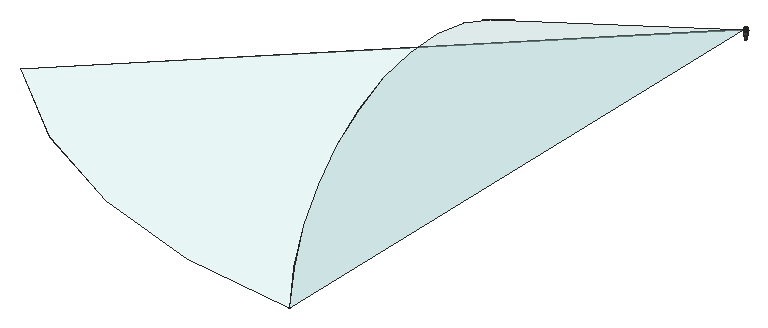
Revit family "Rotor 2045 Series - 2045ASAM", category Acessórios do tubo, Revit 2020
Family settings
  Cota do conector redondo = Utilizar diâmetro
  Tipo de parte = Normal
  Número OmniClass = 23.60.30.11.14
  Título OmniClass = Pipework Fittings
  Com base no plano de trabalho = Não
  Sempre na vertical = Sim
  Corte com vazios quando carregada = Não
  Compartilhado = Não
Parameters (values of type "Nozzle 10")
  Water = Water
  URL = "https://www.rainbird.com/"
  TABLE 60 = "TABLE 60 psi"
  TABLE 55 = "TABLE 55psi"
  TABLE 45 = "TABLE 45psi"
  TABLE 35 = "TABLE 35psi"
  TABLE 25 = "TABLE 25psi"
  SupportProjetos: Reviw Date = ""  # constant formula
  SupportProjetos: Reviw = "R00"  # constant formula
  SupportProjetos: Level of Detail = "LOD 300"  # constant formula
  SupportProjetos: Developed = "MICHEL SOARES MOTA"  # constant formula
  SupportProjetos: Creation Date = "14/08/2020"  # constant formula
  Side inlet = no
  Rotation Water Visibility [instance] = Pop up on  # yes
  Rotation Angle [instance] = 45.00°
  RainBird: Product Link = "https://www.rainbird.com/"
  RainBird: Description = "2045ASAM Rotor "  # constant formula
  RainBird: Comment [instance] = ""
  RainBird: Code = "B0610008"  # constant formula
  Radius [instance] = if(and(Pressure = 25.0 psi, Instance > 1 ft), size_lookup(TABLE 25, "Radius", 0 ft, Instance), if(and(Pressure = 35.0 psi, Instance > 0 ft), size_lookup(TABLE 35, "Radius", 0 ft, Instance), if(and(Pressure = 45.0 psi, Instance > 0 ft), size_lookup(TABLE 45, "Radius", 0 ft, Instance), if(and(Pressure = 55.0 psi, Instance > 0 ft), size_lookup(TABLE 55, "Radius", 0 ft, Instance), if(and(Pressure = 60.0 psi, Instance > 0 ft), size_lookup(TABLE 60, "Radius", 0 ft, Instance), 600 ft)))))  # 41 ft
  RT = 0.009893 ft
  RN = 0.041667 ft
  R5 = 0.03937 ft
  R4 = 0.049213 ft
  R3 = 0.065617 ft
  R2 = 0.107455 ft
  R1 = 0.032808 ft
  Pressure [instance] = 35.0 psi
  Pop up height = 0.164042 ft
  Pop up on [instance] = yes
  Modelo = "2045ASAM"  # constant formula
  Instance = 6 ft
  H1 = Body height / 3  # 0.194663 ft
  Flow [instance] = if(and(Pressure = 25.0 psi, Instance > 1 ft), size_lookup(TABLE 25, "Flow", 0.0 GPM, Instance), if(and(Pressure = 35.0 psi, Instance > 0 ft), size_lookup(TABLE 35, "Flow", 0.0 GPM, Instance), if(and(Pressure = 45.0 psi, Instance > 0 ft), size_lookup(TABLE 45, "Flow", 0.0 GPM, Instance), if(and(Pressure = 55.0 psi, Instance > 0 ft), size_lookup(TABLE 55, "Flow", 0.0 GPM, Instance), if(and(Pressure = 60.0 psi, Instance > 0 ft), size_lookup(TABLE 60, "Flow", 0.0 GPM, Instance), 0.0 GPM)))))  # 4.8 GPM
  Fabricante = "Rain Bird"
  Elevação padrão = 0 ft
  Description = RainBird: Description  # "2045ASAM Rotor "
  DD13 = 0.002625 ft
  DD12 = 0.003937 ft
  DD11 = 0.009897 ft
  DD10 = 0.016404 ft
  DD8 [instance] = if(Pop up on, Pop up height, 0 ft)  # 0.164042 ft
  DD7 = 0.019685 ft
  DD6 [instance] = 0.016404 ft
  DD5 = 0.065617 ft
  DD4 = 0.082021 ft
  DD3 = 0.295276 ft
  DD2 [instance] = 0.024514 ft
  DD9 [instance] = if(Pop up on, Pop up height + 0.049541 ft, 0.026247 ft)  # 0.213583 ft
  DD1 = 0.006562 ft
  DD = 0.114829 ft
  Conection = 0.062664 ft  # constant formula
  Body height = 0.58399 ft
  Blue = Blue Plastic
  Black Plastic = Black Plastic
  Angle = 25.00°
Types (8, lengths in ft): name | Rotation Angle | Radius | Pressure | Instance | Flow
  (no name) | 45.00° | 41 | 35.0 psi | 6 | 4.8 GPM
  Nozzle 06 | 360.00° | 37 | 35.0 psi | 1 | 2.0 GPM
  Nozzle 07 LA | 45.00° | 23 | 35.0 psi | 2 | 1.9 GPM
  Nozzle 07 | 45.00° | 39 | 45.0 psi | 3 | 3.0 GPM
  Nozzle 08 | 45.00° | 38 | 35.0 psi | 4 | 3.3 GPM
  Nozzle 10 LA | 45.00° | 29 | 35.0 psi | 5 | 4.0 GPM
  Nozzle 10 | 45.00° | 41 | 35.0 psi | 6 | 4.8 GPM
  Nozzle 12 | 45.00° | 42 | 35.0 psi | 7 | 6.3 GPM
Reference planes (ft)
  plane 1 "Centro (Frente/Trás)": y = 0
  plane 2: z = 0
  plane 3 "Centro (Esquerda/Direita)": x = 0
  plane 4: z = 0.003937
  plane 5: z = 0.002625
  plane 6: y = -0.065617
Forms (ft)
  Revolve 1, solid, material "Black Plastic" <- "Black Plastic"
    sketch origin (0, 0, 0) x (1, 0, 0) y (0, 0, 1)
      loop
        line (0.107455, -0.289018) -> (0.107455, -0.018846) -> (0.136328, -0.018846)
        arc (0.136328, -0.018846) -> (0.133415, -0.005812) -> (0.121391, 0) r 0.015342
        line (0.121391, 0) -> (0.022966, 0) -> (0.022966, 0.164042) -> (0.110538, 0.164042) -> (0.110538, 0.170878)
        arc (0.110538, 0.170878) -> (0.108361, 0.176135) -> (0.103103, 0.178312) r 0.007435
        line (0.103103, 0.178312) -> (0.006562, 0.178312) -> (0.006562, -0.044055) -> (0.03937, -0.044055) -> (0.03937, -0.334646) -> (0.019685, -0.334646) -> (0.019685, -0.551181) -> (0.041667, -0.551181) -> (0.041667, -0.58399) -> (0.049213, -0.58399) -> (0.049213, -0.551181) -> (0.065319, -0.551181)
        arc (0.065319, -0.551181) -> (0.072314, -0.548284) -> (0.075211, -0.541288) r 0.009893
        line (0.075211, -0.541288) -> (0.075211, -0.295276) -> (0.101198, -0.295276)
        arc (0.101198, -0.295276) -> (0.105623, -0.293443) -> (0.107455, -0.289018) r 0.006257
      axis (0, -0.58399) -> (0, 0.178312)
    angle from 0 to 360
  Extrusion 2, solid, material "Water" <- "Water", visible <- "Rotation Water Visibility"
    sketch origin (0, 0, 0) x (0, 1, 0) y (0, 0, 1)
      loop
        line (-0.082021, 0.117454) -> (-22.964454, 10.787708)
        arc (-22.964454, 10.787708) -> (-34.829931, 10.218209) -> (-41.082021, 0.117454) r 12.757305
        line (-41.082021, 0.117454) -> (-0.082021, 0.117454)
    from -0.008202 to 0.008202
  Extrusion 3, solid, material "Black Plastic" <- "Black Plastic", visible <- "Pop up on"
    sketch origin (-0.00137, -0.002795, -0.035698) x (-0.00469, 0.999989, 0) y (0, 0, 1)
      loop
        line (-0.040994, 0.156611) -> (-0.048436, 0.14065)
        arc (-0.048436, 0.14065) -> (-0.072997, 0.145588) -> (-0.053427, 0.129948) r 0.012889
        line (-0.053427, 0.129948) -> (-0.053427, 0.094988)
        arc (-0.053427, 0.094988) -> (-0.052568, 0.092915) -> (-0.050495, 0.092056) r 0.002932
        line (-0.050495, 0.092056) -> (-0.041469, 0.092056) -> (-0.041469, 0.095737) -> (-0.019952, 0.081224) -> (0.037968, 0.081224) -> (0.040501, 0.065363) -> (0.040501, 0.035698) -> (0.04524, 0.035698) -> (0.050298, 0.081224) -> (0.050298, 0.100559) -> (0.072978, 0.106863)
        arc (0.072978, 0.106863) -> (0.078924, 0.117387) -> (0.068401, 0.123333) r 0.008547
        line (0.068401, 0.123333) -> (0.050298, 0.110657) -> (0.050298, 0.150049)
        arc (0.050298, 0.150049) -> (0.048376, 0.154689) -> (0.043737, 0.156611) r 0.006562
        line (0.043737, 0.156611) -> (-0.040994, 0.156611)
      loop
        line (-0.034211, 0.143466) -> (-0.034211, 0.125376) -> (-0.014598, 0.11623) -> (0.01821, 0.11623) -> (0.040501, 0.108117) -> (0.040501, 0.143466) -> (-0.034211, 0.143466)
      loop
        line (-0.034211, 0.107286) -> (-0.014889, 0.094253) -> (0.040501, 0.094253) -> (0.040501, 0.104202) -> (0.016551, 0.106863) -> (-0.016257, 0.106863) -> (-0.034211, 0.118973) -> (-0.034211, 0.107286)
    from -0.012219 to 0.012755
Dimensions and locks (ft)
  "Body height": level to Revolve 1 sketch curve
  "R2": Revolve 1 sketch curve to plane 3 "Centro (Esquerda/Direita)"
  "DD3": level to Revolve 1 sketch curve
  Revolve 1 sketch curve to plane 3 "Centro (Esquerda/Direita)" = 0.075211 ft
  "R4": Revolve 1 sketch curve to plane 3 "Centro (Esquerda/Direita)"
  "RN": Revolve 1 sketch curve to plane 3 "Centro (Esquerda/Direita)"
  "DD7": Revolve 1 sketch curve to plane 3 "Centro (Esquerda/Direita)"
  "DD12": plane 4 to level
  "DD13": plane 5 to level
  "R3": plane 6 to plane 1 "Centro (Frente/Trás)"
  "DD4": plane 1 "Centro (Frente/Trás)" to Extrusion 2 sketch curve
  "Radius": Extrusion 2 sketch curve to Extrusion 2 sketch curve
  equal spacing: Extrusion 2, plane 3 "Centro (Esquerda/Direita)", Extrusion 2
  "DD6": Extrusion 2 to Extrusion 2
  "DD8": Revolve 1 sketch curve to Revolve 1 sketch curve
  "DD": Extrusion 2 sketch curve to plane 5
  "RT": radius of Revolve 1 sketch curve
  "Angle": angle Extrusion 2 sketch curve to Extrusion 2 sketch curve
  aligned and locked: level to plane 2
  aligned and locked: Revolve 1 sketch curve to Revolve 1 sketch curve
Automatic sketch dimensions
  level to Extrusion 3 sketch curve = 0 ft
  plane 4 to Extrusion 3 sketch curve = 0.100506 ft
  Extrusion 3 sketch curve to Extrusion 3 sketch curve = 0.007889 ft
  Extrusion 3 sketch curve to Extrusion 3 sketch curve = 0.002932 ft
  plane 4 to Extrusion 3 sketch curve = 0.101015 ft
  Extrusion 3 sketch curve to Extrusion 3 sketch curve = 0.00499 ft
  Extrusion 3 sketch curve to Extrusion 3 sketch curve = 0.009026 ft
  plane 4 to Extrusion 3 sketch curve = 0.116976 ft
  Extrusion 3 sketch curve to Extrusion 3 sketch curve = 0.007443 ft
  Extrusion 3 sketch curve to Extrusion 3 sketch curve = 0.019216 ft
  Extrusion 3 sketch curve to Extrusion 3 sketch curve = 0.014225 ft
  Extrusion 3 sketch curve to Extrusion 3 sketch curve = 0.021517 ft
  Extrusion 3 sketch curve to Extrusion 3 sketch curve = 0.017953 ft
  plane 4 to Extrusion 3 sketch curve = 0.054618 ft
  Extrusion 3 sketch curve to Extrusion 3 sketch curve = 0.001369 ft
  Extrusion 3 sketch curve to Extrusion 3 sketch curve = 0.001659 ft  (x2)
  plane 4 to Extrusion 3 sketch curve = 0.067228 ft  (x2)
  Extrusion 3 sketch curve to Extrusion 3 sketch curve = 0.031149 ft
  plane 4 to Extrusion 3 sketch curve = 0.041589 ft  (x2)
  Extrusion 3 sketch curve to Extrusion 3 sketch curve = 0.021417 ft
  plane 4 to Extrusion 3 sketch curve = 0.064567 ft
  Extrusion 3 sketch curve to Extrusion 3 sketch curve = 0.002534 ft  (x2)
  Extrusion 3 sketch curve to Extrusion 3 sketch curve = 0 ft  (x2)
  Extrusion 3 sketch curve to Extrusion 3 sketch curve = 0.003235 ft
  Extrusion 3 sketch curve to Extrusion 3 sketch curve = 0.004739 ft
  Extrusion 3 sketch curve to Extrusion 3 sketch curve = 0.012331 ft
  plane 4 to Extrusion 3 sketch curve = 0.083698 ft
  Extrusion 3 sketch curve to Extrusion 3 sketch curve = 0.018102 ft
  Extrusion 3 sketch curve to Extrusion 3 sketch curve = 0.002289 ft  (x2)
  Extrusion 3 sketch curve to Extrusion 3 sketch curve = 0.015861 ft
  Extrusion 3 sketch curve to Extrusion 3 sketch curve = 0.010832 ft
  Extrusion 3 sketch curve to Extrusion 3 sketch curve = 0.003682 ft
  Extrusion 3 sketch curve to Extrusion 3 sketch curve = 0.003643 ft
  Extrusion 3 sketch curve to Extrusion 3 sketch curve = 0.011549 ft
  Extrusion 3 sketch curve to Extrusion 3 sketch curve = 0.003915 ft
  Extrusion 3 sketch curve to Extrusion 3 sketch curve = 0.010098 ft
  Extrusion 3 sketch curve to Extrusion 3 sketch curve = 0.009367 ft
  Extrusion 3 sketch curve to Extrusion 3 sketch curve = 0.011687 ft
  Extrusion 3 sketch curve to Extrusion 3 sketch curve = 0.006403 ft
  Extrusion 3 sketch curve to Extrusion 3 sketch curve = 0.002816 ft
  Revolve 1 sketch curve to plane 3 "Centro (Esquerda/Direita)" = 0 ft
  Revolve 1 sketch curve to level = 0 ft
  plane 3 "Centro (Esquerda/Direita)" to Revolve 1 sketch curve = 0.006562 ft
  Revolve 1 sketch curve to Revolve 1 sketch curve = 0.016404 ft
  Revolve 1 sketch curve to Revolve 1 sketch curve = 0.032808 ft  (x2)
  Revolve 1 sketch curve to Revolve 1 sketch curve = 0.006257 ft
  Revolve 1 sketch curve to Revolve 1 sketch curve = 0.080138 ft
  Revolve 1 sketch curve to Revolve 1 sketch curve = 0.007435 ft
  Revolve 1 sketch curve to Revolve 1 sketch curve = 0.013936 ft
  Revolve 1 sketch curve to Revolve 1 sketch curve = 0.014937 ft
  Revolve 1 sketch curve to Revolve 1 sketch curve = 0.03937 ft
  Revolve 1 sketch curve to level = 0.044055 ft
  Revolve 1 sketch curve to level = 0.018846 ft
  Revolve 1 sketch curve to Revolve 1 sketch curve = 0.006836 ft
  Revolve 1 sketch curve to Revolve 1 sketch curve = 0.043762 ft
  Revolve 1 sketch curve to Revolve 1 sketch curve = 0.860602 ft
  Extrusion 2 sketch curve to level = 0.774337 ft
Nested families (ft)
  nested 1: "Water" at (0.00015, 0, -0.005978) x (0, -1, 0) z (0, 0, 1), DT9 <- "DD4", Radius <- "Radius", visible <- "Rotation Water Visibility", Rotation Angle <- "Rotation Angle", type "Water"
    with Rotation Angle 45.00°, Radius 41 ft, DT9 0.082021 ft, DT8 0 ft, DT7 164 ft, DT4 205 ft, Angle 2 315.00°
Connectors (ft)
  piping at (0, 0, -0.58399), diameter 2
    settings: on Revolve 1, index 1, connector inside diameter 609.6 mm, connector length 0 ft, flow factor 0, pipe flow 0.0 GPM, pressure drop 0.0 psi, fitting loss kfactor 0, connector angle 0.00°, fixture units 0, engagement length 0 ft, angle of deflection 0.00°, flow configuration 0, flow direction 0, fitting loss method 0, system type 28, joint type 0, gender type 0, connector reference index -1, connector utility 0, adjustable connector no, is connector primary yes, connector description ""
Definition of nested family "Water"
  Parameters (values of type "Water")
    Water Visibility (Circle) = yes
    Water = none
    URL = ""
    SupportProjetos: Reviw Date = ""  # constant formula
    SupportProjetos: Level of Detail = "LOD 300"  # constant formula
    SupportProjetos: Developed = "MICHEL SOARES MOTA"  # constant formula
    SupportProjetos: Creation Date = "16/07/2020"  # constant formula
    Rotation Angle [instance] = 90.00°
    Reviw = "R00"  # constant formula
    Radius [instance] = 14 ft
    Model = ""
    Default Elevation = 4 ft
    Description = ""
    DT9 [instance] = 0.032808 ft
    DT8 [instance] = if(Rotation Angle = 360.00°, 10 ft, 0 ft)  # 0 ft
    DT7 [instance] = 4 * Radius  # 56 ft
    DT4 [instance] = 5 * Radius  # 70 ft
    DT2 = 0.098425 ft  # constant formula
    DT6 = 0 ft
    Angle 2 [instance] = if(Rotation Angle = 360.00°, 180.00°, 360.00° - Rotation Angle)  # 270.00°
  Reference planes (ft)
    plane 1 "Centro (Frente/Trás)": y = 0
    plane 2: z = 0
    plane 3 "Centro (Esquerda/Direita)": x = 0
  Forms (ft)
    Revolve 1, solid, material <- "Water", visible <- "Water Visibility (Circle)"
      sketch origin (0, 0, 0) x (1, 0, 0) y (0, 0, 1)
        loop
          line (0.032808, 0.098425) -> (14.032808, 0.098425) -> (14.032808, 0.119259) -> (0.032808, 0.119259) -> (0.032808, 0.098425)
        axis (0, 0.098425) -> (0, 0.119259)
      angle from 0 to 360
    Extrusion 2, void
      sketch origin (0, 0, 0) x (1, 0, 0) y (0, 1, 0)
        loop
          line (0, 0) -> (70, 0) -> (70, 56)
          arc (70, 56) -> (-70.459018, 51.588344) -> (0, -70) r 81.847109
          line (0, -70) -> (0, 0)
      from 0 to 15.189231
  Cuts and joins
    Extrusion 2 cuts Revolve 1
  Dimensions and locks (ft)
    "DT2": Revolve 1 sketch curve to level
    "DT4": Extrusion 2 sketch curve to Extrusion 2 sketch curve  (x2)
    "DT6": Extrusion 2 sketch curve to plane 3 "Centro (Esquerda/Direita)"
    "DT7": Extrusion 2 sketch curve to Extrusion 2 sketch curve
    "DT8": cut or joined group of Revolve 1, Extrusion 2 to level
    "Radius": Revolve 1 sketch curve to Revolve 1 sketch curve
    "DT9": Revolve 1 sketch curve to plane 3 "Centro (Esquerda/Direita)"
    "Angle 2": angle Extrusion 2 sketch curve to Extrusion 2 sketch curve
    aligned and locked: level to plane 2
    aligned and locked: plane 1 "Centro (Frente/Trás)" to Extrusion 2 sketch curve
  Automatic sketch dimensions
    plane 3 "Centro (Esquerda/Direita)" to Extrusion 2 sketch curve = 1.088227 ft
    Revolve 1 sketch curve to plane 3 "Centro (Esquerda/Direita)" = 0 ft
    Revolve 1 sketch curve to Revolve 1 sketch curve = 0.020833 ft
    Revolve 1 sketch curve to Revolve 1 sketch curve = 0.032113 ft
    Revolve 1 sketch curve to Revolve 1 sketch curve = 10.2693 ft
